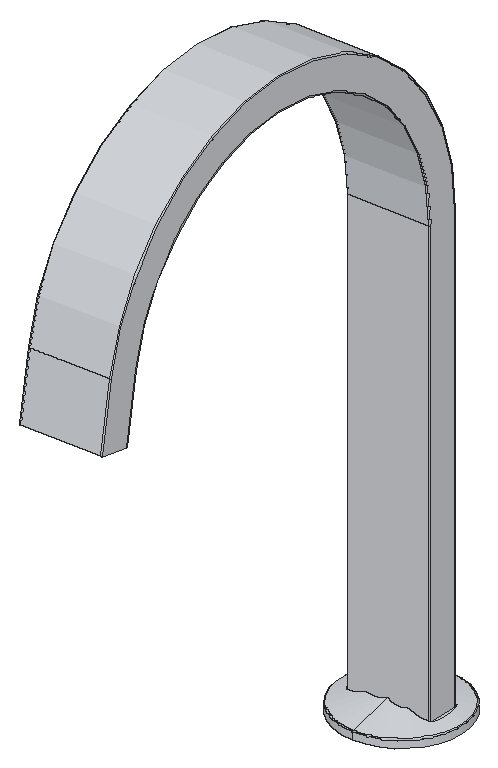
Revit family "Faucet-Deck_Mount-Bath_Spout-KOHLER-COMPONENTS-K-26151T_1", category Plumbing Fixtures, host Face, Revit 2017
Family settings
  Host = Face
  Round Connector Dimension = Use Diameter
  Part Type = Normal
  OmniClass Number = 23.31.11.00
  Cut with Voids When Loaded = No
  Shared = No
  Room Calculation Point = No
Parameters (values of type "CP-Polished Chrome")
  Width = 2 93/256"  # constant formula
  WaterSense Certified = 1 = 0  # no
  Waste Water Outlet = "Waste Water Outlet"  # constant formula
  Waste Connection = 1 = 0  # no
  Vent Connection = 1 = 0  # no
  URL = "https://www.kohler.com.cn/"
  Type = 5
  Tempered Water Inlet = "Tempered Water Inlet"  # constant formula
  Spout Reach = 7 127/128"  # constant formula
  Product Page URL = ""
  Product Name = "COMPONENTS"  # constant formula
  Product Documentation Link = ""
  Pressure = 55.00 psi  # constant formula
  Model = if(Type = 1, "K-26151T-2MB", if(Type = 2, "K-26151T-AF", if(Type = 3, "K-26151T-BL", if(Type = 4, "K-26151T-BN", if(Type = 5, "K-26151T-CP", if(Type = 6, "K-26151T-RGD", "NA"))))))  # "K-26151T-CP"
  Material = "Brass Construction"  # constant formula
  Master Format 2014 Name = "Residential Faucets, Supplies, and Trim"  # constant formula
  Master Format 2014 = "22 41 39"  # constant formula
  Manufacturer Address = "Kohler Beijing Office (100016) 36-2-03-B, No. 88, Liuxiang Road, Beijing"  # constant formula
  Manufacturer = "KOHLER Co."  # constant formula
  Length = Spout Reach  # 7 127/128"
  Hot Water Inlet = "Hot Water Inlet"  # constant formula
  Height = 13 7/64"  # constant formula
  HW Connection = 1 = 1  # yes
  Flow Rate = 12 GPM  # constant formula
  Finish = Kohler-Metal-CP-Polished_Chrome
  Environmental Product Declaration = ""
  Drain Included = 1 = 0  # no
  Description = "DM BATH SPOUT-RIBBON"  # constant formula
  Default Elevation = 36"
  Declare Label = ""
  Date Modified = "10/06/2020"  # constant formula
  Date Created = "10/06/2020"  # constant formula
  Copyright = "Copyright KOHLER Co."  # constant formula
  Contact Us = "https://www.kohler.com.cn/contact/contact-us/"
  Cold Water Inlet = "Cold Water Inlet"  # constant formula
  CW Connection = 1 = 0  # no
  Assembly Code = "D2010"
  ADA Compliant = 1 = 0  # no
Types (7): name | Type | Model | Finish
  (no name) | 5 | "K-26151T-CP" | Kohler-Metal-CP-Polished_Chrome
  2MB-Vibrant Brushed Moderne Brass | 1 | "K-26151T-2MB" | Kohler-Metal-2MB-Vibrant_Brushed_Moderne_Brass
  AF-Flange Gold | 2 | "K-26151T-AF" | Kohler-Metal-AF-Flange_Gold
  BL-Matte Black | 3 | "K-26151T-BL" | Kohler-Metal-BL-Matte_Black
  BN-Roman Silver | 4 | "K-26151T-BN" | Kohler-Metal-BN-Roman_Silver
  CP-Polished Chrome | 5 | "K-26151T-CP" | Kohler-Metal-CP-Polished_Chrome
  RGD-Rose Gold | 6 | "K-26151T-RGD" | Kohler-Metal-RGD-Rose_Gold
Reference planes (in)
  plane 1 "Center (Front/Back)": y = 0
  plane 2: z = 0
  plane 3 "Center (Left/Right)": x = 0
  plane 4: z = 13.10937
  plane 5: y = -7.99219
  plane 6: z = 8.30709
  plane 7: through (0, -8.3023, 6.54799) normal (0, 0.9848, -0.1736)
  plane 8: y = -0.31496
  plane 9: y = 0.31496
  plane 10: x = 1.1811
  plane 11: x = -1.18218
  plane 12: y = 1.1811
  plane 13: y = -1.1811
  plane 14: y = -8.3023
  plane 15: x = 0.80709
  plane 16: x = -0.80709
  plane 17: z = 0.16208
Dimensions and locks (in)
  "Height": level to plane 4
  "Spout Reach": plane 1 "Center (Front/Back)" to plane 5
  "Width": plane 11 to plane 10
  plane 13 to plane 12 = 2.3622"
  plane 16 to plane 15 = 1.61417"
  level to plane 6 = 8.30709"
  plane 9 to plane 8 = 0.62992"
  aligned and locked: plane 2 to host face
  aligned and locked: level to host face
Automatic sketch dimensions
  host sketch curve to host sketch curve = 96"  (x2)
Nested families (in)
  nested 1: "K-26151T" at (0, 0, 0), type "K-26151T"
Connectors (in)
  piping at (0, 0, 0), diameter 0.5, driven by "Flow Rate", driven by "Pressure", driven by "HW Connection", driven by "Tempered Water Inlet"
    settings: on nested 1, index 1, connector inside diameter 24", connector length 0", flow factor 0, pipe flow 12 GPM, pressure drop 55.00 psi, fitting loss kfactor 0, connector angle 0.00°, fixture units 0, engagement length 0", angle of deflection 0.00°, flow configuration 1, flow direction 1, fitting loss method 4, system type 19, joint type 0, gender type 0, connector reference index -1, connector utility 1, adjustable connector no, is connector primary yes, connector description "Tempered Water Inlet"
Definition of nested family "K-26151T"
  Parameters (values of type "K-26151T")
    Material = none
  Reference planes (in)
    plane 1 "Center (Front/Back)": y = 0
    plane 2: z = 0
    plane 3 "Center (Left/Right)": x = 0
    plane 4: z = 13.11024
    plane 5: y = -7.99213
    plane 6: z = 8.30709
    plane 7: through (0, -7.99213, 8.30709) normal (0, -0.9848, 0.1736)
    plane 8: y = 0.31496
    plane 9: y = -0.31496
    plane 10: x = -1.1811
    plane 11: x = 1.1811
    plane 12: x = -0.80709
    plane 13: x = 0.80709
    plane 14: y = 1.1811
    plane 15: y = -1.1811
    plane 16: y = -8.3023
    plane 17: z = 9.24761
  Forms (in)
    Revolve 1, solid, material <- "Material", detail levels medium+fine
      sketch origin (0, 0, 0) x (0, 1, 0) y (0, 0, 1)
        loop
          line (0, 0) -> (1.1811, 0) -> (1.1811, 0.1379)
          arc (1.1811, 0.1379) -> (1.17595, 0.15286) -> (1.16268, 0.16147) r 0.0243
          line (1.16268, 0.16147) -> (0, 0.45136) -> (0, 0)
        axis (0, 0) -> (0, 0.45136)
      angle from 0 to 360
    Extrusion 2, void
      sketch origin (0, 0, 0) x (1, 0, 0) y (0, 1, 0)
        loop
          line (0.81187, 0.33238) -> (-0.81276, 0.33238)
          arc (-0.81276, 0.33238) -> (-0.82832, 0.32751) -> (-0.83834, 0.31464) r 0.02732
          arc (-0.83834, 0.31464) -> (-0.89529, 0.00009) -> (-0.8384, -0.31448) r 0.89766
          arc (-0.8384, -0.31448) -> (-0.8283, -0.32747) -> (-0.81259, -0.33238) r 0.02756
          line (-0.81259, -0.33238) -> (0.81203, -0.33238)
          arc (0.81203, -0.33238) -> (0.8276, -0.32751) -> (0.83762, -0.31463) r 0.02732
          arc (0.83762, -0.31463) -> (0.89452, -0.00008) -> (0.83768, 0.31447) r 0.89838
          arc (0.83768, 0.31447) -> (0.82758, 0.32746) -> (0.81187, 0.33238) r 0.02756
      from 0.21589 to 0.79724
    Sweep 3, solid, material <- "Material", detail levels medium+fine
      path origin (0, 0, 0) x (0, 1, 0) y (0, 0, 1)
        loop
          line (0, 0.06711) -> (0, 8.87998)
          arc (0, 8.87998) -> (-3.57411, 12.78044) -> (-7.77123, 9.55987) r 3.91535
          line (-7.77123, 9.55987) -> (-7.99213, 8.30709)
      profile origin (0, 0, 4.47355) x (0, -1, 0) y (1, 0, 0)
        loop
          arc (-0.29528, 0.80709) -> (-0.3092, 0.80132) -> (-0.31496, 0.7874) r 0.01969
          line (-0.31496, 0.7874) -> (-0.31496, -0.7874)
          arc (-0.31496, -0.7874) -> (-0.3092, -0.80132) -> (-0.29528, -0.80709) r 0.01969
          line (-0.29528, -0.80709) -> (0.29528, -0.80709)
          arc (0.29528, -0.80709) -> (0.3092, -0.80132) -> (0.31496, -0.7874) r 0.01969
          line (0.31496, -0.7874) -> (0.31496, 0.7874)
          arc (0.31496, 0.7874) -> (0.3092, 0.80132) -> (0.29528, 0.80709) r 0.01969
          line (0.29528, 0.80709) -> (-0.29528, 0.80709)
    Extrusion 4, solid, material <- "Material", detail levels coarse
      sketch origin (0, 0, 0) x (1, 0, 0) y (0, 1, 0)
        loop
          circle (0, 0) r 1.1811
      from 0 to 0.37873
    Sweep 5, solid, material <- "Material", detail levels coarse
      path origin (0, 0, 0) x (0, 1, 0) y (0, 0, 1)
        loop
          line (0, 0) -> (0, 8.85748)
          arc (0, 8.85748) -> (-3.57591, 12.7599) -> (-7.77513, 9.53772) r 3.91732
          line (-7.77513, 9.53772) -> (-7.99213, 8.30709)
      profile origin (0, 0, 4.42874) x (0, -1, 0) y (1, 0, 0)
        loop
          line (-0.31496, -0.80709) -> (0.31496, -0.80709) -> (0.31496, 0.80709) -> (-0.31496, 0.80709) -> (-0.31496, -0.80709)
    Extrusion 6, solid, material <- "Material", detail levels medium+fine
      sketch origin (0, 0, 0) x (1, 0, 0) y (0, 1, 0)
        loop
          circle (0, 0) r 0.11856
      from 0 to 0.04872
    Sweep 7, void
      path origin (0, 0, 0) x (0, 1, 0) y (0, 0, 1)
        loop
          line (-8.02343, 8.12954) -> (-7.94201, 8.59131)
      profile origin (0, -7.98272, 8.36042) x (0, -0.984808, 0.173648) y (1, 0, 0)
        loop
          line (-0.19685, -0.68898) -> (0.19685, -0.68898) -> (0.19685, 0.68898) -> (-0.19685, 0.68898) -> (-0.19685, -0.68898)
  Cuts and joins
    Extrusion 2 cuts Revolve 1
    Sweep 7 cuts Sweep 3
    joined: Revolve 1, Sweep 3
    joined: Extrusion 4, Sweep 5
  Lines and regions (in)
    Masking region 1
      outline origin (0, 0, 0) x (1, 0, 0) y (0, 1, 0)
        loop
          arc (0.80709, -0.86233) -> (0, 1.1811) -> (-0.80709, -0.86233) r 1.1811
          line (-0.80709, -0.86233) -> (-0.80709, -8.28262)
          arc (-0.80709, -8.28262) -> (-0.80132, -8.29654) -> (-0.7874, -8.3023) r 0.01969
          line (-0.7874, -8.3023) -> (0.7874, -8.3023)
          arc (0.7874, -8.3023) -> (0.80132, -8.29654) -> (0.80709, -8.28262) r 0.01969
          line (0.80709, -8.28262) -> (0.80709, -0.86233)
    Masking region 2
      outline origin (0, 0, 0) x (0, 1, 0) y (0, 0, 1)
        loop
          line (0, 0) -> (1.1811, 0) -> (1.1811, 0.14228)
          arc (1.1811, 0.14228) -> (1.17506, 0.15686) -> (1.16048, 0.1629) r 0.02062
          line (1.16048, 0.1629) -> (0.33238, 0.36849) -> (0.33238, 0.25114)
          arc (0.33238, 0.25114) -> (0.32743, 0.2366) -> (0.31464, 0.2281) r 0.02382
          line (0.31464, 0.2281) -> (0.31464, 8.87797)
          arc (0.31464, 8.87797) -> (-3.547, 13.0922) -> (-8.08176, 9.61255) r 4.23033
          line (-8.08176, 9.61255) -> (-8.3023, 8.36178) -> (-7.68195, 8.25239) -> (-7.46108, 9.50499)
          arc (-7.46108, 9.50499) -> (-3.60157, 12.4665) -> (-0.31496, 8.87979) r 3.60041
          line (-0.31496, 8.87979) -> (-0.31496, 0.22816)
          arc (-0.31496, 0.22816) -> (-0.3276, 0.23809) -> (-0.33238, 0.25345) r 0.02707
          line (-0.33238, 0.25345) -> (-0.33238, 0.36849) -> (-1.16048, 0.1629)
          arc (-1.16048, 0.1629) -> (-1.17506, 0.15686) -> (-1.1811, 0.14228) r 0.02062
          line (-1.1811, 0.14228) -> (-1.1811, 0) -> (0, 0)
    Masking region 3
      outline origin (0, 0, 0) x (1, 0, 0) y (0, 0, 1)
        loop
          line (1.1811, 0) -> (1.1811, 0.14164)
          arc (1.1811, 0.14164) -> (1.17512, 0.1561) -> (1.16066, 0.16208) r 0.02044
          line (1.16066, 0.16208) -> (0.89529, 0.22814) -> (0.83725, 0.22814) -> (0.80709, 0.23401) -> (0.80709, 13.09055)
          arc (0.80709, 13.09055) -> (0.80132, 13.10447) -> (0.7874, 13.11024) r 0.01969
          line (0.7874, 13.11024) -> (-0.7874, 13.11024)
          arc (-0.7874, 13.11024) -> (-0.80132, 13.10447) -> (-0.80709, 13.09055) r 0.01969
          line (-0.80709, 13.09055) -> (-0.80709, 0.23401) -> (-0.83725, 0.22814) -> (-0.89529, 0.22814) -> (-1.16066, 0.16208)
          arc (-1.16066, 0.16208) -> (-1.17512, 0.1561) -> (-1.1811, 0.14164) r 0.02044
          line (-1.1811, 0.14164) -> (-1.1811, 0) -> (1.1811, 0)
    symbolic lines, detail levels medium+fine
      curve 1: line (-0.80709, -0.86233, 0) -> (-0.80709, 0.29528, 0)
      curve 2: arc (-0.80709, 0.29528, 0) -> (-0.80132, 0.3092, 0) -> (-0.7874, 0.31496, 0) r 0.01969
      curve 3: line (-0.7874, 0.31496, 0) -> (0.7874, 0.31496, 0)
      curve 4: arc (0.7874, 0.31496, 0) -> (0.80132, 0.3092, 0) -> (0.80709, 0.29528, 0) r 0.01969
      curve 5: line (0.80709, 0.29528, 0) -> (0.80709, -0.86233, 0)
      curve 6: line (0.82534, 0.33238, 0) -> (-0.82534, 0.33238, 0)
      curve 7: arc (-0.82534, 0.33238, 0) -> (-0.89565, -0.02015, 0) -> (-0.80709, -0.36854, 0) r 0.81305
      curve 8: arc (0.82534, 0.33238, 0) -> (0.89565, -0.02015, 0) -> (0.80709, -0.36854, 0) r 0.81305
      curve 9: line (-0.80709, -7.99213, 0) -> (0.80709, -7.99213, 0)
      curve 10: line (0, 1.1811, 0.14228) -> (0, -1.1811, 0.14228)
      curve 11: line (0, 1.16048, 0.1629) -> (0, -1.16048, 0.1629)
      curve 12: line (0, 0.31447, 0.22827) -> (0, -0.31537, 0.22827)
      curve 13: line (-1.1811, 0, 0.14164) -> (1.1811, 0, 0.14164)
      curve 14: line (-1.16066, 0, 0.16208) -> (1.16066, 0, 0.16208)
      curve 15: arc (-0.80709, 0, 0.23401) -> (0, 0, 0.36849) -> (0.80709, 0, 0.23401) r 2.48902
      curve 16: line (-0.7874, 0, 8.36178) -> (0.7874, 0, 8.36178)
      curve 17: arc (0.7874, 0, 8.36178) -> (0.79739, 0, 8.36092) -> (0.80709, 0, 8.35836) r 0.05839
      curve 18: arc (-0.80709, 0, 8.35836) -> (-0.79739, 0, 8.36092) -> (-0.7874, 0, 8.36178) r 0.05839
      curve 19: line (-0.7874, 0, 8.25239) -> (0.7874, 0, 8.25239)
      curve 20: arc (-0.80709, 0, 8.25581) -> (-0.79739, 0, 8.25326) -> (-0.7874, 0, 8.25239) r 0.05839
      curve 21: arc (0.7874, 0, 8.25239) -> (0.79739, 0, 8.25326) -> (0.80709, 0, 8.25581) r 0.05839
      curve 22: arc (-0.62554, 0, 8.36178) -> (-0.68023, 0, 8.30709) -> (-0.62554, 0, 8.25239) r 0.05469
      curve 23: line (-0.58248, 0, 8.36178) -> (-0.58248, 0, 8.25239)
      curve 24: arc (0.62554, 0, 8.36178) -> (0.68023, 0, 8.30709) -> (0.62554, 0, 8.25239) r 0.05469
      curve 25: line (0.58248, 0, 8.36178) -> (0.58248, 0, 8.25239)
      curve 26: line (-0.80709, 0, 9.24761) -> (0.80709, 0, 9.24761)
      curve 27: line (0, -7.51611, 9.19291) -> (0, -8.13646, 9.3023)
  Dimensions and locks (in)
    plane 13 to plane 12 = 1.61417"
    plane 10 to plane 11 = 2.3622"
    plane 1 "Center (Front/Back)" to plane 5 = 7.99213"
    plane 6 to level = 8.30709"
    plane 4 to level = 13.11024"
    plane 8 to plane 9 = 0.62992"
    plane 14 to plane 15 = 2.3622"
    angle plane 5 to plane 7 = 10.00°
    aligned and locked: plane 2 to level
